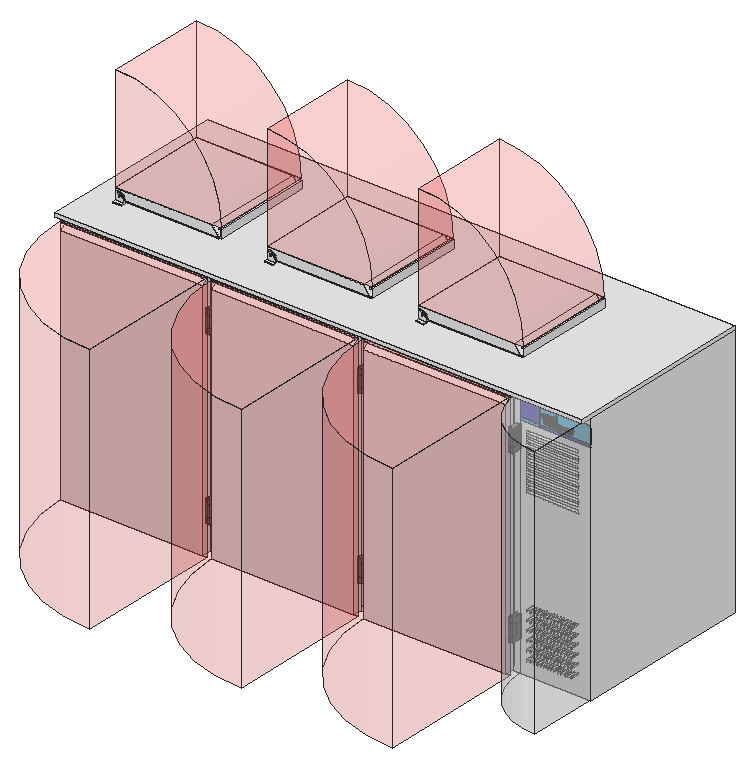
Revit family "QF_Cool-Compact_Abfallkuehler_3x240L_EK", category Sonderausstattung, Revit 2020 (continued)
Forms (mm)
  Extrusion 9, solid, detail levels fine
    sketch origin (708.929, 0, 0) x (1, 0, 0) y (0, 0, 1)
      loop
        arc (1413.741, 224.928) -> (1413.741, 219.271) -> (1419.398, 219.271) r 4
        line (1419.398, 219.271) -> (1447.682, 247.556)
        arc (1447.682, 247.556) -> (1447.682, 253.213) -> (1442.025, 253.213) r 4
        line (1442.025, 253.213) -> (1413.741, 224.928)
      loop
        line (1434.998, 219.271) -> (1463.282, 247.556)
        arc (1463.282, 247.556) -> (1463.282, 253.213) -> (1457.625, 253.213) r 4
        line (1457.625, 253.213) -> (1429.341, 224.928)
        arc (1429.341, 224.928) -> (1429.341, 219.271) -> (1434.998, 219.271) r 4
      loop
        line (1450.598, 219.271) -> (1478.882, 247.556)
        arc (1478.882, 247.556) -> (1478.882, 253.213) -> (1473.225, 253.213) r 4
        line (1473.225, 253.213) -> (1444.941, 224.928)
        arc (1444.941, 224.928) -> (1444.941, 219.271) -> (1450.598, 219.271) r 4
      loop
        arc (1460.541, 224.928) -> (1460.541, 219.271) -> (1466.198, 219.271) r 4
        line (1466.198, 219.271) -> (1494.482, 247.556)
        arc (1494.482, 247.556) -> (1494.482, 253.213) -> (1488.825, 253.213) r 4
        line (1488.825, 253.213) -> (1460.541, 224.928)
      loop
        arc (1476.141, 224.928) -> (1476.141, 219.271) -> (1481.798, 219.271) r 4
        line (1481.798, 219.271) -> (1510.082, 247.556)
        arc (1510.082, 247.556) -> (1510.082, 253.213) -> (1504.425, 253.213) r 4
        line (1504.425, 253.213) -> (1476.141, 224.928)
      loop
        arc (1491.741, 224.928) -> (1491.741, 219.271) -> (1497.398, 219.271) r 4
        line (1497.398, 219.271) -> (1525.682, 247.556)
        arc (1525.682, 247.556) -> (1525.682, 253.213) -> (1520.025, 253.213) r 4
        line (1520.025, 253.213) -> (1491.741, 224.928)
      loop
        arc (1507.341, 224.928) -> (1507.341, 219.271) -> (1512.998, 219.271) r 4
        line (1512.998, 219.271) -> (1541.282, 247.556)
        arc (1541.282, 247.556) -> (1541.282, 253.213) -> (1535.625, 253.213) r 4
        line (1535.625, 253.213) -> (1507.341, 224.928)
      loop
        arc (1522.941, 224.928) -> (1522.941, 219.271) -> (1528.598, 219.271) r 4
        line (1528.598, 219.271) -> (1556.882, 247.556)
        arc (1556.882, 247.556) -> (1556.882, 253.213) -> (1551.225, 253.213) r 4
        line (1551.225, 253.213) -> (1522.941, 224.928)
      loop
        arc (1538.541, 224.928) -> (1538.541, 219.271) -> (1544.198, 219.271) r 4
        line (1544.198, 219.271) -> (1572.482, 247.556)
        arc (1572.482, 247.556) -> (1572.482, 253.213) -> (1566.825, 253.213) r 4
        line (1566.825, 253.213) -> (1538.541, 224.928)
      loop
        arc (1554.141, 224.928) -> (1554.141, 219.271) -> (1559.798, 219.271) r 4
        line (1559.798, 219.271) -> (1588.082, 247.556)
        arc (1588.082, 247.556) -> (1588.082, 253.213) -> (1582.425, 253.213) r 4
        line (1582.425, 253.213) -> (1554.141, 224.928)
      loop
        arc (1569.741, 224.928) -> (1569.741, 219.271) -> (1575.398, 219.271) r 4
        line (1575.398, 219.271) -> (1603.682, 247.556)
        arc (1603.682, 247.556) -> (1603.682, 253.213) -> (1598.025, 253.213) r 4
        line (1598.025, 253.213) -> (1569.741, 224.928)
      loop
        arc (1585.341, 224.928) -> (1585.341, 219.271) -> (1590.998, 219.271) r 4
        line (1590.998, 219.271) -> (1619.282, 247.556)
        arc (1619.282, 247.556) -> (1619.282, 253.213) -> (1613.625, 253.213) r 4
        line (1613.625, 253.213) -> (1585.341, 224.928)
      loop
        arc (1600.941, 224.928) -> (1600.941, 219.271) -> (1606.598, 219.271) r 4
        line (1606.598, 219.271) -> (1634.882, 247.556)
        arc (1634.882, 247.556) -> (1634.882, 253.213) -> (1629.225, 253.213) r 4
        line (1629.225, 253.213) -> (1600.941, 224.928)
      loop
        arc (1398.141, 184.628) -> (1398.141, 178.971) -> (1403.798, 178.971) r 4
        line (1403.798, 178.971) -> (1432.082, 207.256)
        arc (1432.082, 207.256) -> (1432.082, 212.913) -> (1426.425, 212.913) r 4
        line (1426.425, 212.913) -> (1398.141, 184.628)
      loop
        arc (1413.741, 184.628) -> (1413.741, 178.971) -> (1419.398, 178.971) r 4
        line (1419.398, 178.971) -> (1447.682, 207.256)
        arc (1447.682, 207.256) -> (1447.682, 212.913) -> (1442.025, 212.913) r 4
        line (1442.025, 212.913) -> (1413.741, 184.628)
      loop
        line (1434.998, 178.971) -> (1463.282, 207.256)
        arc (1463.282, 207.256) -> (1463.282, 212.913) -> (1457.625, 212.913) r 4
        line (1457.625, 212.913) -> (1429.341, 184.628)
        arc (1429.341, 184.628) -> (1429.341, 178.971) -> (1434.998, 178.971) r 4
      loop
        line (1450.598, 178.971) -> (1478.882, 207.256)
        arc (1478.882, 207.256) -> (1478.882, 212.913) -> (1473.225, 212.913) r 4
        line (1473.225, 212.913) -> (1444.941, 184.628)
        arc (1444.941, 184.628) -> (1444.941, 178.971) -> (1450.598, 178.971) r 4
      loop
        arc (1460.541, 184.628) -> (1460.541, 178.971) -> (1466.198, 178.971) r 4
        line (1466.198, 178.971) -> (1494.482, 207.256)
        arc (1494.482, 207.256) -> (1494.482, 212.913) -> (1488.825, 212.913) r 4
        line (1488.825, 212.913) -> (1460.541, 184.628)
      loop
        arc (1476.141, 184.628) -> (1476.141, 178.971) -> (1481.798, 178.971) r 4
        line (1481.798, 178.971) -> (1510.082, 207.256)
        arc (1510.082, 207.256) -> (1510.082, 212.913) -> (1504.425, 212.913) r 4
        line (1504.425, 212.913) -> (1476.141, 184.628)
      loop
        arc (1491.741, 184.628) -> (1491.741, 178.971) -> (1497.398, 178.971) r 4
        line (1497.398, 178.971) -> (1525.682, 207.256)
        arc (1525.682, 207.256) -> (1525.682, 212.913) -> (1520.025, 212.913) r 4
        line (1520.025, 212.913) -> (1491.741, 184.628)
      loop
        arc (1507.341, 184.628) -> (1507.341, 178.971) -> (1512.998, 178.971) r 4
        line (1512.998, 178.971) -> (1541.282, 207.256)
        arc (1541.282, 207.256) -> (1541.282, 212.913) -> (1535.625, 212.913) r 4
        line (1535.625, 212.913) -> (1507.341, 184.628)
      loop
        arc (1522.941, 184.628) -> (1522.941, 178.971) -> (1528.598, 178.971) r 4
        line (1528.598, 178.971) -> (1556.882, 207.256)
        arc (1556.882, 207.256) -> (1556.882, 212.913) -> (1551.225, 212.913) r 4
        line (1551.225, 212.913) -> (1522.941, 184.628)
      loop
        arc (1538.541, 184.628) -> (1538.541, 178.971) -> (1544.198, 178.971) r 4
        line (1544.198, 178.971) -> (1572.482, 207.256)
        arc (1572.482, 207.256) -> (1572.482, 212.913) -> (1566.825, 212.913) r 4
        line (1566.825, 212.913) -> (1538.541, 184.628)
      loop
        arc (1554.141, 184.628) -> (1554.141, 178.971) -> (1559.798, 178.971) r 4
        line (1559.798, 178.971) -> (1588.082, 207.256)
        arc (1588.082, 207.256) -> (1588.082, 212.913) -> (1582.425, 212.913) r 4
        line (1582.425, 212.913) -> (1554.141, 184.628)
      loop
        arc (1569.741, 184.628) -> (1569.741, 178.971) -> (1575.398, 178.971) r 4
        line (1575.398, 178.971) -> (1603.682, 207.256)
        arc (1603.682, 207.256) -> (1603.682, 212.913) -> (1598.025, 212.913) r 4
        line (1598.025, 212.913) -> (1569.741, 184.628)
      loop
        arc (1585.341, 184.628) -> (1585.341, 178.971) -> (1590.998, 178.971) r 4
        line (1590.998, 178.971) -> (1619.282, 207.256)
        arc (1619.282, 207.256) -> (1619.282, 212.913) -> (1613.625, 212.913) r 4
        line (1613.625, 212.913) -> (1585.341, 184.628)
      loop
        arc (1600.941, 184.628) -> (1600.941, 178.971) -> (1606.598, 178.971) r 4
        line (1606.598, 178.971) -> (1634.882, 207.256)
        arc (1634.882, 207.256) -> (1634.882, 212.913) -> (1629.225, 212.913) r 4
        line (1629.225, 212.913) -> (1600.941, 184.628)
      loop
        arc (1398.141, 144.328) -> (1398.141, 138.671) -> (1403.798, 138.671) r 4
        line (1403.798, 138.671) -> (1432.082, 166.956)
        arc (1432.082, 166.956) -> (1432.082, 172.613) -> (1426.425, 172.613) r 4
        line (1426.425, 172.613) -> (1398.141, 144.328)
      loop
        arc (1413.741, 144.328) -> (1413.741, 138.671) -> (1419.398, 138.671) r 4
        line (1419.398, 138.671) -> (1447.682, 166.956)
        arc (1447.682, 166.956) -> (1447.682, 172.613) -> (1442.025, 172.613) r 4
        line (1442.025, 172.613) -> (1413.741, 144.328)
      loop
        line (1434.998, 138.671) -> (1463.282, 166.956)
        arc (1463.282, 166.956) -> (1463.282, 172.613) -> (1457.625, 172.613) r 4
        line (1457.625, 172.613) -> (1429.341, 144.328)
        arc (1429.341, 144.328) -> (1429.341, 138.671) -> (1434.998, 138.671) r 4
      loop
        line (1450.598, 138.671) -> (1478.882, 166.956)
        arc (1478.882, 166.956) -> (1478.882, 172.613) -> (1473.225, 172.613) r 4
        line (1473.225, 172.613) -> (1444.941, 144.328)
        arc (1444.941, 144.328) -> (1444.941, 138.671) -> (1450.598, 138.671) r 4
      loop
        arc (1460.541, 144.328) -> (1460.541, 138.671) -> (1466.198, 138.671) r 4
        line (1466.198, 138.671) -> (1494.482, 166.956)
        arc (1494.482, 166.956) -> (1494.482, 172.613) -> (1488.825, 172.613) r 4
        line (1488.825, 172.613) -> (1460.541, 144.328)
      loop
        arc (1476.141, 144.328) -> (1476.141, 138.671) -> (1481.798, 138.671) r 4
        line (1481.798, 138.671) -> (1510.082, 166.956)
        arc (1510.082, 166.956) -> (1510.082, 172.613) -> (1504.425, 172.613) r 4
        line (1504.425, 172.613) -> (1476.141, 144.328)
      loop
        arc (1491.741, 144.328) -> (1491.741, 138.671) -> (1497.398, 138.671) r 4
        line (1497.398, 138.671) -> (1525.682, 166.956)
        arc (1525.682, 166.956) -> (1525.682, 172.613) -> (1520.025, 172.613) r 4
        line (1520.025, 172.613) -> (1491.741, 144.328)
      loop
        arc (1507.341, 144.328) -> (1507.341, 138.671) -> (1512.998, 138.671) r 4
        line (1512.998, 138.671) -> (1541.282, 166.956)
        arc (1541.282, 166.956) -> (1541.282, 172.613) -> (1535.625, 172.613) r 4
        line (1535.625, 172.613) -> (1507.341, 144.328)
      loop
        arc (1522.941, 144.328) -> (1522.941, 138.671) -> (1528.598, 138.671) r 4
        line (1528.598, 138.671) -> (1556.882, 166.956)
        arc (1556.882, 166.956) -> (1556.882, 172.613) -> (1551.225, 172.613) r 4
        line (1551.225, 172.613) -> (1522.941, 144.328)
      loop
        arc (1538.541, 144.328) -> (1538.541, 138.671) -> (1544.198, 138.671) r 4
        line (1544.198, 138.671) -> (1572.482, 166.956)
        arc (1572.482, 166.956) -> (1572.482, 172.613) -> (1566.825, 172.613) r 4
        line (1566.825, 172.613) -> (1538.541, 144.328)
      loop
        arc (1554.141, 144.328) -> (1554.141, 138.671) -> (1559.798, 138.671) r 4
        line (1559.798, 138.671) -> (1588.082, 166.956)
        arc (1588.082, 166.956) -> (1588.082, 172.613) -> (1582.425, 172.613) r 4
        line (1582.425, 172.613) -> (1554.141, 144.328)
      loop
        arc (1569.741, 144.328) -> (1569.741, 138.671) -> (1575.398, 138.671) r 4
        line (1575.398, 138.671) -> (1603.682, 166.956)
        arc (1603.682, 166.956) -> (1603.682, 172.613) -> (1598.025, 172.613) r 4
        line (1598.025, 172.613) -> (1569.741, 144.328)
      loop
        arc (1585.341, 144.328) -> (1585.341, 138.671) -> (1590.998, 138.671) r 4
        line (1590.998, 138.671) -> (1619.282, 166.956)
        arc (1619.282, 166.956) -> (1619.282, 172.613) -> (1613.625, 172.613) r 4
        line (1613.625, 172.613) -> (1585.341, 144.328)
      loop
        arc (1600.941, 144.328) -> (1600.941, 138.671) -> (1606.598, 138.671) r 4
        line (1606.598, 138.671) -> (1634.882, 166.956)
        arc (1634.882, 166.956) -> (1634.882, 172.613) -> (1629.225, 172.613) r 4
        line (1629.225, 172.613) -> (1600.941, 144.328)
      loop
        arc (1398.141, 104.028) -> (1398.141, 98.371) -> (1403.798, 98.371) r 4
        line (1403.798, 98.371) -> (1432.082, 126.656)
        arc (1432.082, 126.656) -> (1432.082, 132.313) -> (1426.425, 132.313) r 4
        line (1426.425, 132.313) -> (1398.141, 104.028)
      loop
        arc (1413.741, 104.028) -> (1413.741, 98.371) -> (1419.398, 98.371) r 4
        line (1419.398, 98.371) -> (1447.682, 126.656)
        arc (1447.682, 126.656) -> (1447.682, 132.313) -> (1442.025, 132.313) r 4
        line (1442.025, 132.313) -> (1413.741, 104.028)
      loop
        line (1434.998, 98.371) -> (1463.282, 126.656)
        arc (1463.282, 126.656) -> (1463.282, 132.313) -> (1457.625, 132.313) r 4
        line (1457.625, 132.313) -> (1429.341, 104.028)
        arc (1429.341, 104.028) -> (1429.341, 98.371) -> (1434.998, 98.371) r 4
      loop
        line (1450.598, 98.371) -> (1478.882, 126.656)
        arc (1478.882, 126.656) -> (1478.882, 132.313) -> (1473.225, 132.313) r 4
        line (1473.225, 132.313) -> (1444.941, 104.028)
        arc (1444.941, 104.028) -> (1444.941, 98.371) -> (1450.598, 98.371) r 4
      loop
        arc (1460.541, 104.028) -> (1460.541, 98.371) -> (1466.198, 98.371) r 4
        line (1466.198, 98.371) -> (1494.482, 126.656)
        arc (1494.482, 126.656) -> (1494.482, 132.313) -> (1488.825, 132.313) r 4
        line (1488.825, 132.313) -> (1460.541, 104.028)
      loop
        arc (1476.141, 104.028) -> (1476.141, 98.371) -> (1481.798, 98.371) r 4
        line (1481.798, 98.371) -> (1510.082, 126.656)
        arc (1510.082, 126.656) -> (1510.082, 132.313) -> (1504.425, 132.313) r 4
        line (1504.425, 132.313) -> (1476.141, 104.028)
      loop
        arc (1491.741, 104.028) -> (1491.741, 98.371) -> (1497.398, 98.371) r 4
        line (1497.398, 98.371) -> (1525.682, 126.656)
        arc (1525.682, 126.656) -> (1525.682, 132.313) -> (1520.025, 132.313) r 4
        line (1520.025, 132.313) -> (1491.741, 104.028)
      loop
        arc (1507.341, 104.028) -> (1507.341, 98.371) -> (1512.998, 98.371) r 4
        line (1512.998, 98.371) -> (1541.282, 126.656)
        arc (1541.282, 126.656) -> (1541.282, 132.313) -> (1535.625, 132.313) r 4
        line (1535.625, 132.313) -> (1507.341, 104.028)
      loop
        arc (1522.941, 104.028) -> (1522.941, 98.371) -> (1528.598, 98.371) r 4
        line (1528.598, 98.371) -> (1556.882, 126.656)
        arc (1556.882, 126.656) -> (1556.882, 132.313) -> (1551.225, 132.313) r 4
        line (1551.225, 132.313) -> (1522.941, 104.028)
      loop
        arc (1538.541, 104.028) -> (1538.541, 98.371) -> (1544.198, 98.371) r 4
        line (1544.198, 98.371) -> (1572.482, 126.656)
        arc (1572.482, 126.656) -> (1572.482, 132.313) -> (1566.825, 132.313) r 4
        line (1566.825, 132.313) -> (1538.541, 104.028)
      loop
        arc (1554.141, 104.028) -> (1554.141, 98.371) -> (1559.798, 98.371) r 4
        line (1559.798, 98.371) -> (1588.082, 126.656)
        arc (1588.082, 126.656) -> (1588.082, 132.313) -> (1582.425, 132.313) r 4
        line (1582.425, 132.313) -> (1554.141, 104.028)
      loop
        arc (1569.741, 104.028) -> (1569.741, 98.371) -> (1575.398, 98.371) r 4
        line (1575.398, 98.371) -> (1603.682, 126.656)
        arc (1603.682, 126.656) -> (1603.682, 132.313) -> (1598.025, 132.313) r 4
        line (1598.025, 132.313) -> (1569.741, 104.028)
      loop
        arc (1585.341, 104.028) -> (1585.341, 98.371) -> (1590.998, 98.371) r 4
        line (1590.998, 98.371) -> (1619.282, 126.656)
        arc (1619.282, 126.656) -> (1619.282, 132.313) -> (1613.625, 132.313) r 4
        line (1613.625, 132.313) -> (1585.341, 104.028)
      loop
        arc (1600.941, 104.028) -> (1600.941, 98.371) -> (1606.598, 98.371) r 4
        line (1606.598, 98.371) -> (1634.882, 126.656)
        arc (1634.882, 126.656) -> (1634.882, 132.313) -> (1629.225, 132.313) r 4
        line (1629.225, 132.313) -> (1600.941, 104.028)
      loop
        arc (1398.141, 63.728) -> (1398.141, 58.071) -> (1403.798, 58.071) r 4
        line (1403.798, 58.071) -> (1432.082, 86.356)
        arc (1432.082, 86.356) -> (1432.082, 92.013) -> (1426.425, 92.013) r 4
        line (1426.425, 92.013) -> (1398.141, 63.728)
      loop
        arc (1413.741, 63.728) -> (1413.741, 58.071) -> (1419.398, 58.071) r 4
        line (1419.398, 58.071) -> (1447.682, 86.356)
        arc (1447.682, 86.356) -> (1447.682, 92.013) -> (1442.025, 92.013) r 4
        line (1442.025, 92.013) -> (1413.741, 63.728)
      loop
        line (1434.998, 58.071) -> (1463.282, 86.356)
        arc (1463.282, 86.356) -> (1463.282, 92.013) -> (1457.625, 92.013) r 4
        line (1457.625, 92.013) -> (1429.341, 63.728)
        arc (1429.341, 63.728) -> (1429.341, 58.071) -> (1434.998, 58.071) r 4
      loop
        line (1450.598, 58.071) -> (1478.882, 86.356)
        arc (1478.882, 86.356) -> (1478.882, 92.013) -> (1473.225, 92.013) r 4
        line (1473.225, 92.013) -> (1444.941, 63.728)
        arc (1444.941, 63.728) -> (1444.941, 58.071) -> (1450.598, 58.071) r 4
      loop
        arc (1460.541, 63.728) -> (1460.541, 58.071) -> (1466.198, 58.071) r 4
        line (1466.198, 58.071) -> (1494.482, 86.356)
        arc (1494.482, 86.356) -> (1494.482, 92.013) -> (1488.825, 92.013) r 4
        line (1488.825, 92.013) -> (1460.541, 63.728)
      loop
        arc (1476.141, 63.728) -> (1476.141, 58.071) -> (1481.798, 58.071) r 4
        line (1481.798, 58.071) -> (1510.082, 86.356)
        arc (1510.082, 86.356) -> (1510.082, 92.013) -> (1504.425, 92.013) r 4
        line (1504.425, 92.013) -> (1476.141, 63.728)
      loop
        arc (1491.741, 63.728) -> (1491.741, 58.071) -> (1497.398, 58.071) r 4
        line (1497.398, 58.071) -> (1525.682, 86.356)
        arc (1525.682, 86.356) -> (1525.682, 92.013) -> (1520.025, 92.013) r 4
        line (1520.025, 92.013) -> (1491.741, 63.728)
      loop
        arc (1507.341, 63.728) -> (1507.341, 58.071) -> (1512.998, 58.071) r 4
        line (1512.998, 58.071) -> (1541.282, 86.356)
        arc (1541.282, 86.356) -> (1541.282, 92.013) -> (1535.625, 92.013) r 4
        line (1535.625, 92.013) -> (1507.341, 63.728)
      loop
        arc (1522.941, 63.728) -> (1522.941, 58.071) -> (1528.598, 58.071) r 4
        line (1528.598, 58.071) -> (1556.882, 86.356)
        arc (1556.882, 86.356) -> (1556.882, 92.013) -> (1551.225, 92.013) r 4
        line (1551.225, 92.013) -> (1522.941, 63.728)
      loop
        arc (1538.541, 63.728) -> (1538.541, 58.071) -> (1544.198, 58.071) r 4
        line (1544.198, 58.071) -> (1572.482, 86.356)
        arc (1572.482, 86.356) -> (1572.482, 92.013) -> (1566.825, 92.013) r 4
        line (1566.825, 92.013) -> (1538.541, 63.728)
      loop
        arc (1554.141, 63.728) -> (1554.141, 58.071) -> (1559.798, 58.071) r 4
        line (1559.798, 58.071) -> (1588.082, 86.356)
        arc (1588.082, 86.356) -> (1588.082, 92.013) -> (1582.425, 92.013) r 4
        line (1582.425, 92.013) -> (1554.141, 63.728)
      loop
        arc (1569.741, 63.728) -> (1569.741, 58.071) -> (1575.398, 58.071) r 4
        line (1575.398, 58.071) -> (1603.682, 86.356)
        arc (1603.682, 86.356) -> (1603.682, 92.013) -> (1598.025, 92.013) r 4
        line (1598.025, 92.013) -> (1569.741, 63.728)
      loop
        arc (1585.341, 63.728) -> (1585.341, 58.071) -> (1590.998, 58.071) r 4
        line (1590.998, 58.071) -> (1619.282, 86.356)
        arc (1619.282, 86.356) -> (1619.282, 92.013) -> (1613.625, 92.013) r 4
        line (1613.625, 92.013) -> (1585.341, 63.728)
      loop
        arc (1600.941, 63.728) -> (1600.941, 58.071) -> (1606.598, 58.071) r 4
        line (1606.598, 58.071) -> (1634.882, 86.356)
        arc (1634.882, 86.356) -> (1634.882, 92.013) -> (1629.225, 92.013) r 4
        line (1629.225, 92.013) -> (1600.941, 63.728)
    from 609 to 665
  Extrusion 10, solid, detail levels fine
    sketch origin (1342.808, 75, 140) x (-1, 0, 0) y (0, 0, -1)
      loop
        line (752.308, -1042) -> (752.308, -1077) -> (763.708, -1077)
        arc (763.708, -1077) -> (764.308, -1076.4) -> (763.708, -1075.8) r 0.6
        line (763.708, -1075.8) -> (753.508, -1075.8) -> (753.508, -1043.2) -> (765.908, -1043.2) -> (794.619, -1082) -> (1232.308, -1082) -> (1232.308, -1042) -> (752.308, -1042)
    from 125 to 585
  Extrusion 11, solid, detail levels fine
    sketch origin (1342.808, 62.5, 140) x (-1, 0, 0) y (0, 0, -1)
      loop
        line (1230.43, -1030) -> (1192.308, -1030) -> (1192.308, -1042.541)
        arc (1192.308, -1042.541) -> (1193.683, -1047.602) -> (1197.43, -1051.271) r 10
        arc (1197.43, -1051.271) -> (1200.544, -1053.989) -> (1202.292, -1057.735) r 10
        line (1202.292, -1057.735) -> (1202.757, -1059.736)
        arc (1202.757, -1059.736) -> (1207.83, -1067.199) -> (1216.601, -1069.315) r 12.524
        arc (1216.601, -1069.315) -> (1220.167, -1067.281) -> (1222.8, -1070.431) r 3.2
        arc (1222.8, -1070.431) -> (1223.093, -1071.138) -> (1223.8, -1071.431) r 1
        line (1223.8, -1071.431) -> (1225.43, -1071.431)
        arc (1225.43, -1071.431) -> (1228.966, -1069.966) -> (1230.43, -1066.431) r 5
        line (1230.43, -1066.431) -> (1230.43, -1030)
      loop
        line (1217.508, -1058) -> (1217.508, -1054.5)
        arc (1217.508, -1054.5) -> (1214.308, -1051.3) -> (1211.108, -1054.5) r 3.2
        line (1211.108, -1054.5) -> (1211.108, -1058)
        arc (1211.108, -1058) -> (1214.308, -1061.2) -> (1217.508, -1058) r 3.2
    from 572.5 to 575.5
  Extrusion 12, solid, material "QF_Rubber-Gray", detail levels medium+fine
    sketch origin (1343, 75, 0) x (-1, 0, 0) y (0, -1, 0)
      loop
        line (1211, 136.5) -> (1211, 573.5) -> (774, 573.5) -> (774, 136.5) -> (1211, 136.5)
    from 1170 to 1182
  Extrusion 13, solid, detail levels fine
    sketch origin (1343, 62.5, 140) x (-1, 0, 0) y (0, 0, -1)
      loop
        circle (1199.5, -1059) r 3
      loop
        circle (1214.5, -1055) r 3
    from 572.5 to 575.5
  Extrusion 14, solid, detail levels fine
    sketch origin (1343, -622.5, 140) x (-1, 0, 0) y (0, 0, 1)
      loop
        circle (1199.5, 1059) r 3
      loop
        circle (1214.5, 1055) r 3
    from 572.5 to 575.5
  Extrusion 15, solid, material "QF_Rubber-Gray", detail levels medium+fine
    sketch origin (-689.5, 0, 0) x (1, 0, 0) y (0, 0, 1)
      loop
        line (729, 1130.5) -> (729, 28.5) -> (1351, 28.5) -> (1351, 1130.5) -> (729, 1130.5)
    from 668.8 to 681
  Extrusion 16, solid, material "QF_Plastic-Light Gray", detail levels medium+fine
    sketch origin (-689.5, 0, 0) x (1, 0, 0) y (0, 0, 1)
      loop
        arc (724.2, 1141) -> (723.493, 1140.707) -> (723.2, 1140) r 1
        line (723.2, 1140) -> (723.2, 19)
        arc (723.2, 19) -> (723.493, 18.293) -> (724.2, 18) r 1
        line (724.2, 18) -> (1355.8, 18)
        arc (1355.8, 18) -> (1356.507, 18.293) -> (1356.8, 19) r 1
        line (1356.8, 19) -> (1356.8, 1140)
        arc (1356.8, 1140) -> (1356.507, 1140.707) -> (1355.8, 1141) r 1
        line (1355.8, 1141) -> (724.2, 1141)
    from 665 to 668.8
  Extrusion 17, solid, detail levels coarse
    sketch origin (10.5, 75, 0) x (1, 0, 0) y (0, 1, 0)
      loop
        line (100, -585) -> (580, -585) -> (580, -125) -> (100, -125) -> (100, -585)
    from 1170 to 1222
  Extrusion 18, solid, detail levels medium
    sketch origin (10.5, 75, 0) x (1, 0, 0) y (0, 1, 0)
      loop
        line (100, -585) -> (580, -585) -> (580, -125) -> (100, -125) -> (100, -585)
    from 1182 to 1222
  Extrusion 19, solid, detail levels fine
    sketch origin (-47, 62.5, 0) x (1, 0, 0) y (0, 1, 0)
      loop
        line (159.378, -575.5) -> (159.378, -592.5) -> (197.5, -592.5) -> (197.5, -575.5) -> (159.378, -575.5)
    from 1170 to 1173
  Extrusion 20, solid, detail levels fine
    sketch origin (-47, -622.5, 0) x (1, 0, 0) y (0, 1, 0)
      loop
        line (159.378, 575.5) -> (197.5, 575.5) -> (197.5, 592.5) -> (159.378, 592.5) -> (159.378, 575.5)
    from 1170 to 1173
  Extrusion 21, solid, detail levels fine
    sketch origin (1342.808, -622.5, 140) x (-1, 0, 0) y (0, 0, 1)
      loop
        line (1230.43, 1030) -> (1230.43, 1066.431)
        arc (1230.43, 1066.431) -> (1228.966, 1069.966) -> (1225.43, 1071.431) r 5
        line (1225.43, 1071.431) -> (1223.8, 1071.431)
        arc (1223.8, 1071.431) -> (1223.093, 1071.138) -> (1222.8, 1070.431) r 1
        arc (1222.8, 1070.431) -> (1220.167, 1067.281) -> (1216.601, 1069.315) r 3.2
        arc (1216.601, 1069.315) -> (1207.83, 1067.199) -> (1202.757, 1059.736) r 12.524
        line (1202.757, 1059.736) -> (1202.292, 1057.735)
        arc (1202.292, 1057.735) -> (1200.544, 1053.989) -> (1197.43, 1051.271) r 10
        arc (1197.43, 1051.271) -> (1193.683, 1047.602) -> (1192.308, 1042.541) r 10
        line (1192.308, 1042.541) -> (1192.308, 1030) -> (1230.43, 1030)
      loop
        arc (1217.508, 1058) -> (1214.308, 1061.2) -> (1211.108, 1058) r 3.2
        line (1211.108, 1058) -> (1211.108, 1054.5)
        arc (1211.108, 1054.5) -> (1214.308, 1051.3) -> (1217.508, 1054.5) r 3.2
        line (1217.508, 1054.5) -> (1217.508, 1058)
    from 572.5 to 575.5
  Extrusion 22, solid, detail levels medium
    sketch origin (0, 0, 0) x (1, 0, 0) y (0, 1, 0)
      loop
        line (27.5, -681) -> (27.5, -721) -> (673.5, -721) -> (673.5, -681) -> (27.5, -681)
    from 10 to 1151
  Extrusion 23, solid, detail levels coarse
    sketch origin (0, 0, 0) x (1, 0, 0) y (0, 1, 0)
      loop
        line (27.5, -665) -> (27.5, -721) -> (697.5, -721) -> (697.5, -665) -> (27.5, -665)
    from 10 to 1151
  Extrusion 24, solid, detail levels fine
    sketch origin (690, 0, 0) x (1, 0, 0) y (0, 1, 0)
      loop
        line (1390.008, 150) -> (1390.008, 135) -> (1695, 135) -> (1695, -665) -> (1710, -665) -> (1710, 150) -> (1390.008, 150)
    from 0 to 1154
  Extrusion 25, solid, visible <- "Notwendige Abstände anzeigen"
    sketch origin (1400.5, 75, 140) x (-1, 0, 0) y (0, 0, -1)
      loop
        line (1290, -1562) -> (1290, -1082) -> (810, -1082)
        arc (810, -1082) -> (950.589, -1421.411) -> (1290, -1562) r 480
    from 125 to 585
  Extrusion 26, solid, detail levels coarse+medium
    sketch origin (708.929, 0, 0) x (1, 0, 0) y (0, 0, 1)
      loop
        line (1371.071, 1154) -> (1371.071, 0) -> (1676.071, 0) -> (1676.071, 1154) -> (1371.071, 1154)
    from 609 to 665
  Extrusion 27, solid, detail levels coarse+medium
    sketch origin (0, 28.867, 0) x (1, 0, 0) y (0, 1, 0)
      loop
        line (2080, -693.867) -> (2080, 121.133) -> (0, 121.133) -> (0, -693.867) -> (2080, -693.867)
    from 0 to 1154
  Extrusion 28, solid, detail levels coarse+medium
    sketch origin (690, 0, 0) x (1, 0, 0) y (0, 1, 0)
      loop
        line (1390.008, 150) -> (1390.008, 135) -> (1695, 135) -> (1695, -665) -> (1710, -665) -> (1710, 150) -> (1390.008, 150)
    from 0 to 1154
  Extrusion 29, solid, visible <- "Notwendige Abstände anzeigen"
    sketch origin (690, 0, 0) x (1, 0, 0) y (0, 1, 0)
      loop
        arc (1390, -665) -> (1483.726, -891.274) -> (1710, -985) r 320
        line (1710, -985) -> (1710, -665) -> (1390, -665)
    from 0 to 1154
  Extrusion 30, solid, material "QF_Rubber-Black"
    sketch origin (0, 400, 0) x (0, 1, 0) y (0, 0, 1)
      loop
        circle (-300, 500) r 7.5
    from 2080 to 2200
  Extrusion 31, solid, material "QF_Plastic-Black-Matte", detail levels fine
    sketch origin (701, 0, 140) x (0, 1, 0) y (0, 0, -1)
      loop
        line (-689, -850.5) -> (-707, -850.5) -> (-707, -875) -> (-665, -875) -> (-665, -773) -> (-707, -773) -> (-707, -797.5) -> (-689, -797.5) -> (-689, -850.5)
    from 3.5 to 19.5
  Extrusion 32, solid, material "QF_Plastic-Black-Matte", detail levels fine
    sketch origin (701, 0, 140) x (-1, 0, 0) y (0, 0, -1)
      loop
        line (27.5, -875) -> (27.5, -773) -> (21.5, -773) -> (21.5, -798.5) -> (3.5, -798.5) -> (3.5, -849.5) -> (21.5, -849.5) -> (21.5, -875) -> (27.5, -875)
    from 693 to 707
  Extrusion 33, solid, material "QF_Plastic-Black-Matte", detail levels fine
    sketch origin (701, 0, 0) x (-1, 0, 0) y (0, -1, 0)
      loop
        circle (12.5, 698) r 3
    from 989.5 to 990.5
  Extrusion 34, solid, material "QF_Plastic-Black-Matte", detail levels fine
    sketch origin (701, 0, 0) x (-1, 0, 0) y (0, -1, 0)
      loop
        circle (12.5, 698) r 3
    from 937.5 to 938.5
  Extrusion 35, solid, material "QF_Plastic-Black-Matte", detail levels fine
    sketch origin (701, 0, -634) x (0, 1, 0) y (0, 0, -1)
      loop
        line (-689, -850.5) -> (-707, -850.5) -> (-707, -875) -> (-665, -875) -> (-665, -773) -> (-707, -773) -> (-707, -797.5) -> (-689, -797.5) -> (-689, -850.5)
    from 3.5 to 19.5
  Extrusion 36, solid, material "QF_Plastic-Black-Matte", detail levels fine
    sketch origin (701, 0, -634) x (-1, 0, 0) y (0, 0, -1)
      loop
        line (27.5, -875) -> (27.5, -773) -> (21.5, -773) -> (21.5, -798.5) -> (3.5, -798.5) -> (3.5, -849.5) -> (21.5, -849.5) -> (21.5, -875) -> (27.5, -875)
    from 693 to 707
  Extrusion 37, solid, material "QF_Plastic-Black-Matte", detail levels fine
    sketch origin (701, 0, -634) x (-1, 0, 0) y (0, -1, 0)
      loop
        circle (12.5, 698) r 3
    from 849.5 to 850.5
  Extrusion 38, solid, material "QF_Plastic-Black-Matte", detail levels fine
    sketch origin (701, 0, -634) x (-1, 0, 0) y (0, -1, 0)
      loop
        circle (12.5, 698) r 3
    from 797.5 to 798.5
  Extrusion 39, solid, material "QF_Plastic-Black-Matte", detail levels medium
    sketch origin (701, 0, 0) x (-1, 0, 0) y (0, -1, 0)
      loop
        line (3.5, 665) -> (27.5, 665) -> (27.5, 707) -> (3.5, 707) -> (3.5, 665)
    from 139 to 241
  Extrusion 40, solid, material "QF_Plastic-Black-Matte", detail levels medium
    sketch origin (701, 0, 0) x (-1, 0, 0) y (0, -1, 0)
      loop
        line (3.5, 665) -> (27.5, 665) -> (27.5, 707) -> (3.5, 707) -> (3.5, 665)
    from 913 to 1015
  Extrusion 41, void
    sketch origin (0, 150, 0) x (1, 0, 0) y (0, 0, 1)
      loop
        line (2290, 40) -> (2290, 150) -> (2190, 150) -> (2190, 40) -> (2290, 40)
      loop
        circle (2240, 285) r 25
    from 0 to 15
  Extrusion 42, solid, visible <- "Notwendige Abstände anzeigen"
    sketch origin (901, 0, 0) x (-1, 0, 0) y (0, -1, 0)
      loop
        arc (873.5, 721) -> (677.262, 1194.762) -> (203.5, 1391) r 670
        line (203.5, 1391) -> (203.5, 721) -> (873.5, 721)
    from 10 to 1151
  Extrusion 43, solid, detail levels fine
    sketch origin (2032.808, 75, 140) x (-1, 0, 0) y (0, 0, -1)
      loop
        line (752.308, -1042) -> (752.308, -1077) -> (763.708, -1077)
        arc (763.708, -1077) -> (764.308, -1076.4) -> (763.708, -1075.8) r 0.6
        line (763.708, -1075.8) -> (753.508, -1075.8) -> (753.508, -1043.2) -> (765.908, -1043.2) -> (794.619, -1082) -> (1232.308, -1082) -> (1232.308, -1042) -> (752.308, -1042)
    from 125 to 585
  Extrusion 44, solid, detail levels fine
    sketch origin (2032.808, 62.5, 140) x (-1, 0, 0) y (0, 0, -1)
      loop
        line (1230.43, -1030) -> (1192.308, -1030) -> (1192.308, -1042.541)
        arc (1192.308, -1042.541) -> (1193.683, -1047.602) -> (1197.43, -1051.271) r 10
        arc (1197.43, -1051.271) -> (1200.544, -1053.989) -> (1202.292, -1057.735) r 10
        line (1202.292, -1057.735) -> (1202.757, -1059.736)
        arc (1202.757, -1059.736) -> (1207.83, -1067.199) -> (1216.601, -1069.315) r 12.524
        arc (1216.601, -1069.315) -> (1220.167, -1067.281) -> (1222.8, -1070.431) r 3.2
        arc (1222.8, -1070.431) -> (1223.093, -1071.138) -> (1223.8, -1071.431) r 1
        line (1223.8, -1071.431) -> (1225.43, -1071.431)
        arc (1225.43, -1071.431) -> (1228.966, -1069.966) -> (1230.43, -1066.431) r 5
        line (1230.43, -1066.431) -> (1230.43, -1030)
      loop
        line (1217.508, -1058) -> (1217.508, -1054.5)
        arc (1217.508, -1054.5) -> (1214.308, -1051.3) -> (1211.108, -1054.5) r 3.2
        line (1211.108, -1054.5) -> (1211.108, -1058)
        arc (1211.108, -1058) -> (1214.308, -1061.2) -> (1217.508, -1058) r 3.2
    from 572.5 to 575.5
  Extrusion 45, solid, material "QF_Rubber-Gray", detail levels medium+fine
    sketch origin (2033, 75, 0) x (-1, 0, 0) y (0, -1, 0)
      loop
        line (1211, 136.5) -> (1211, 573.5) -> (774, 573.5) -> (774, 136.5) -> (1211, 136.5)
    from 1170 to 1182
  Extrusion 46, solid, detail levels fine
    sketch origin (2033, 62.5, 140) x (-1, 0, 0) y (0, 0, -1)
      loop
        circle (1199.5, -1059) r 3
      loop
        circle (1214.5, -1055) r 3
    from 572.5 to 575.5
  Extrusion 47, solid, detail levels fine
    sketch origin (2033, -622.5, 140) x (-1, 0, 0) y (0, 0, 1)
      loop
        circle (1199.5, 1059) r 3
      loop
        circle (1214.5, 1055) r 3
    from 572.5 to 575.5
  Extrusion 48, solid, detail levels coarse
    sketch origin (700.5, 75, 0) x (1, 0, 0) y (0, 1, 0)
      loop
        line (100, -585) -> (580, -585) -> (580, -125) -> (100, -125) -> (100, -585)
    from 1170 to 1222
  Extrusion 49, solid, detail levels medium
    sketch origin (700.5, 75, 0) x (1, 0, 0) y (0, 1, 0)
      loop
        line (100, -585) -> (580, -585) -> (580, -125) -> (100, -125) -> (100, -585)
    from 1182 to 1222
  Extrusion 50, solid, detail levels fine
    sketch origin (643, 62.5, 0) x (1, 0, 0) y (0, 1, 0)
      loop
        line (159.378, -575.5) -> (159.378, -592.5) -> (197.5, -592.5) -> (197.5, -575.5) -> (159.378, -575.5)
    from 1170 to 1173
  Extrusion 51, solid, detail levels fine
    sketch origin (643, -622.5, 0) x (1, 0, 0) y (0, 1, 0)
      loop
        line (159.378, 575.5) -> (197.5, 575.5) -> (197.5, 592.5) -> (159.378, 592.5) -> (159.378, 575.5)
    from 1170 to 1173
  Extrusion 52, solid, detail levels fine
    sketch origin (2032.808, -622.5, 140) x (-1, 0, 0) y (0, 0, 1)
      loop
        line (1230.43, 1030) -> (1230.43, 1066.431)
        arc (1230.43, 1066.431) -> (1228.966, 1069.966) -> (1225.43, 1071.431) r 5
        line (1225.43, 1071.431) -> (1223.8, 1071.431)
        arc (1223.8, 1071.431) -> (1223.093, 1071.138) -> (1222.8, 1070.431) r 1
        arc (1222.8, 1070.431) -> (1220.167, 1067.281) -> (1216.601, 1069.315) r 3.2
        arc (1216.601, 1069.315) -> (1207.83, 1067.199) -> (1202.757, 1059.736) r 12.524
        line (1202.757, 1059.736) -> (1202.292, 1057.735)
        arc (1202.292, 1057.735) -> (1200.544, 1053.989) -> (1197.43, 1051.271) r 10
        arc (1197.43, 1051.271) -> (1193.683, 1047.602) -> (1192.308, 1042.541) r 10
        line (1192.308, 1042.541) -> (1192.308, 1030) -> (1230.43, 1030)
      loop
        arc (1217.508, 1058) -> (1214.308, 1061.2) -> (1211.108, 1058) r 3.2
        line (1211.108, 1058) -> (1211.108, 1054.5)
        arc (1211.108, 1054.5) -> (1214.308, 1051.3) -> (1217.508, 1054.5) r 3.2
        line (1217.508, 1054.5) -> (1217.508, 1058)
    from 572.5 to 575.5
  Extrusion 53, solid, visible <- "Notwendige Abstände anzeigen"
    sketch origin (2090.5, 75, 140) x (-1, 0, 0) y (0, 0, -1)
      loop
        line (1290, -1562) -> (1290, -1082) -> (810, -1082)
        arc (810, -1082) -> (950.589, -1421.411) -> (1290, -1562) r 480
    from 125 to 585
  Extrusion 54, solid, detail levels fine
    sketch origin (2722.808, 75, 140) x (-1, 0, 0) y (0, 0, -1)
      loop
        line (752.308, -1042) -> (752.308, -1077) -> (763.708, -1077)
        arc (763.708, -1077) -> (764.308, -1076.4) -> (763.708, -1075.8) r 0.6
        line (763.708, -1075.8) -> (753.508, -1075.8) -> (753.508, -1043.2) -> (765.908, -1043.2) -> (794.619, -1082) -> (1232.308, -1082) -> (1232.308, -1042) -> (752.308, -1042)
    from 125 to 585
  Extrusion 55, solid, detail levels fine
    sketch origin (2722.808, 62.5, 140) x (-1, 0, 0) y (0, 0, -1)
      loop
        line (1230.43, -1030) -> (1192.308, -1030) -> (1192.308, -1042.541)
        arc (1192.308, -1042.541) -> (1193.683, -1047.602) -> (1197.43, -1051.271) r 10
        arc (1197.43, -1051.271) -> (1200.544, -1053.989) -> (1202.292, -1057.735) r 10
        line (1202.292, -1057.735) -> (1202.757, -1059.736)
        arc (1202.757, -1059.736) -> (1207.83, -1067.199) -> (1216.601, -1069.315) r 12.524
        arc (1216.601, -1069.315) -> (1220.167, -1067.281) -> (1222.8, -1070.431) r 3.2
        arc (1222.8, -1070.431) -> (1223.093, -1071.138) -> (1223.8, -1071.431) r 1
        line (1223.8, -1071.431) -> (1225.43, -1071.431)
        arc (1225.43, -1071.431) -> (1228.966, -1069.966) -> (1230.43, -1066.431) r 5
        line (1230.43, -1066.431) -> (1230.43, -1030)
      loop
        line (1217.508, -1058) -> (1217.508, -1054.5)
        arc (1217.508, -1054.5) -> (1214.308, -1051.3) -> (1211.108, -1054.5) r 3.2
        line (1211.108, -1054.5) -> (1211.108, -1058)
        arc (1211.108, -1058) -> (1214.308, -1061.2) -> (1217.508, -1058) r 3.2
    from 572.5 to 575.5
  Extrusion 56, solid, material "QF_Rubber-Gray", detail levels medium+fine
    sketch origin (2723, 75, 0) x (-1, 0, 0) y (0, -1, 0)
      loop
        line (1211, 136.5) -> (1211, 573.5) -> (774, 573.5) -> (774, 136.5) -> (1211, 136.5)
    from 1170 to 1182
  Extrusion 57, solid, detail levels fine
    sketch origin (2723, 62.5, 140) x (-1, 0, 0) y (0, 0, -1)
      loop
        circle (1199.5, -1059) r 3
      loop
        circle (1214.5, -1055) r 3
    from 572.5 to 575.5
  Extrusion 58, solid, detail levels fine
    sketch origin (2723, -622.5, 140) x (-1, 0, 0) y (0, 0, 1)
      loop
        circle (1199.5, 1059) r 3
      loop
        circle (1214.5, 1055) r 3
    from 572.5 to 575.5
  Extrusion 59, solid, detail levels coarse
    sketch origin (1390.5, 75, 0) x (1, 0, 0) y (0, 1, 0)
      loop
        line (100, -585) -> (580, -585) -> (580, -125) -> (100, -125) -> (100, -585)
    from 1170 to 1222
  Extrusion 60, solid, detail levels medium
    sketch origin (1390.5, 75, 0) x (1, 0, 0) y (0, 1, 0)
      loop
        line (100, -585) -> (580, -585) -> (580, -125) -> (100, -125) -> (100, -585)
    from 1182 to 1222
  Extrusion 61, solid, detail levels fine
    sketch origin (1333, 62.5, 0) x (1, 0, 0) y (0, 1, 0)
      loop
        line (159.378, -575.5) -> (159.378, -592.5) -> (197.5, -592.5) -> (197.5, -575.5) -> (159.378, -575.5)
    from 1170 to 1173
  Extrusion 62, solid, detail levels fine
    sketch origin (1333, -622.5, 0) x (1, 0, 0) y (0, 1, 0)
      loop
        line (159.378, 575.5) -> (197.5, 575.5) -> (197.5, 592.5) -> (159.378, 592.5) -> (159.378, 575.5)
    from 1170 to 1173
  Extrusion 63, solid, detail levels fine
    sketch origin (2722.808, -622.5, 140) x (-1, 0, 0) y (0, 0, 1)
      loop
        line (1230.43, 1030) -> (1230.43, 1066.431)
        arc (1230.43, 1066.431) -> (1228.966, 1069.966) -> (1225.43, 1071.431) r 5
        line (1225.43, 1071.431) -> (1223.8, 1071.431)
        arc (1223.8, 1071.431) -> (1223.093, 1071.138) -> (1222.8, 1070.431) r 1
        arc (1222.8, 1070.431) -> (1220.167, 1067.281) -> (1216.601, 1069.315) r 3.2
        arc (1216.601, 1069.315) -> (1207.83, 1067.199) -> (1202.757, 1059.736) r 12.524
        line (1202.757, 1059.736) -> (1202.292, 1057.735)
        arc (1202.292, 1057.735) -> (1200.544, 1053.989) -> (1197.43, 1051.271) r 10
        arc (1197.43, 1051.271) -> (1193.683, 1047.602) -> (1192.308, 1042.541) r 10
        line (1192.308, 1042.541) -> (1192.308, 1030) -> (1230.43, 1030)
      loop
        arc (1217.508, 1058) -> (1214.308, 1061.2) -> (1211.108, 1058) r 3.2
        line (1211.108, 1058) -> (1211.108, 1054.5)
        arc (1211.108, 1054.5) -> (1214.308, 1051.3) -> (1217.508, 1054.5) r 3.2
        line (1217.508, 1054.5) -> (1217.508, 1058)
    from 572.5 to 575.5
  Extrusion 64, solid, visible <- "Notwendige Abstände anzeigen"
    sketch origin (2780.5, 75, 140) x (-1, 0, 0) y (0, 0, -1)
      loop
        line (1290, -1562) -> (1290, -1082) -> (810, -1082)
        arc (810, -1082) -> (950.589, -1421.411) -> (1290, -1562) r 480
    from 125 to 585
  Extrusion 65, solid, material "QF_Rubber-Gray", detail levels medium+fine
    sketch origin (0.5, 0, 0) x (1, 0, 0) y (0, 0, 1)
      loop
        line (729, 1130.5) -> (729, 28.5) -> (1351, 28.5) -> (1351, 1130.5) -> (729, 1130.5)
    from 668.8 to 681
  Extrusion 66, solid, material "QF_Plastic-Light Gray", detail levels medium+fine
    sketch origin (0.5, 0, 0) x (1, 0, 0) y (0, 0, 1)
      loop
        arc (724.2, 1141) -> (723.493, 1140.707) -> (723.2, 1140) r 1
        line (723.2, 1140) -> (723.2, 19)
        arc (723.2, 19) -> (723.493, 18.293) -> (724.2, 18) r 1
        line (724.2, 18) -> (1355.8, 18)
        arc (1355.8, 18) -> (1356.507, 18.293) -> (1356.8, 19) r 1
        line (1356.8, 19) -> (1356.8, 1140)
        arc (1356.8, 1140) -> (1356.507, 1140.707) -> (1355.8, 1141) r 1
        line (1355.8, 1141) -> (724.2, 1141)
    from 665 to 668.8
  Extrusion 67, solid, detail levels medium
    sketch origin (690, 0, 0) x (1, 0, 0) y (0, 1, 0)
      loop
        line (27.5, -681) -> (27.5, -721) -> (673.5, -721) -> (673.5, -681) -> (27.5, -681)
    from 10 to 1151
  Extrusion 68, solid, detail levels coarse
    sketch origin (690, 0, 0) x (1, 0, 0) y (0, 1, 0)
      loop
        line (27.5, -665) -> (27.5, -721) -> (697.5, -721) -> (697.5, -665) -> (27.5, -665)
    from 10 to 1151
  Extrusion 69, solid, material "QF_Plastic-Black-Matte", detail levels fine
    sketch origin (1391, 0, 140) x (0, 1, 0) y (0, 0, -1)
      loop
        line (-689, -850.5) -> (-707, -850.5) -> (-707, -875) -> (-665, -875) -> (-665, -773) -> (-707, -773) -> (-707, -797.5) -> (-689, -797.5) -> (-689, -850.5)
    from 3.5 to 19.5
  Extrusion 70, solid, material "QF_Plastic-Black-Matte", detail levels fine
    sketch origin (1391, 0, 140) x (-1, 0, 0) y (0, 0, -1)
      loop
        line (27.5, -875) -> (27.5, -773) -> (21.5, -773) -> (21.5, -798.5) -> (3.5, -798.5) -> (3.5, -849.5) -> (21.5, -849.5) -> (21.5, -875) -> (27.5, -875)
    from 693 to 707
  Extrusion 71, solid, material "QF_Plastic-Black-Matte", detail levels fine
    sketch origin (1391, 0, 0) x (-1, 0, 0) y (0, -1, 0)
      loop
        circle (12.5, 698) r 3
    from 989.5 to 990.5
  Extrusion 72, solid, material "QF_Plastic-Black-Matte", detail levels fine
    sketch origin (1391, 0, 0) x (-1, 0, 0) y (0, -1, 0)
      loop
        circle (12.5, 698) r 3
    from 937.5 to 938.5
  Extrusion 73, solid, material "QF_Plastic-Black-Matte", detail levels fine
    sketch origin (1391, 0, -634) x (0, 1, 0) y (0, 0, -1)
      loop
        line (-689, -850.5) -> (-707, -850.5) -> (-707, -875) -> (-665, -875) -> (-665, -773) -> (-707, -773) -> (-707, -797.5) -> (-689, -797.5) -> (-689, -850.5)
    from 3.5 to 19.5
  Extrusion 74, solid, material "QF_Plastic-Black-Matte", detail levels fine
    sketch origin (1391, 0, -634) x (-1, 0, 0) y (0, 0, -1)
      loop
        line (27.5, -875) -> (27.5, -773) -> (21.5, -773) -> (21.5, -798.5) -> (3.5, -798.5) -> (3.5, -849.5) -> (21.5, -849.5) -> (21.5, -875) -> (27.5, -875)
    from 693 to 707
  Extrusion 75, solid, material "QF_Plastic-Black-Matte", detail levels fine
    sketch origin (1391, 0, -634) x (-1, 0, 0) y (0, -1, 0)
      loop
        circle (12.5, 698) r 3
    from 849.5 to 850.5
  Extrusion 76, solid, material "QF_Plastic-Black-Matte", detail levels fine
    sketch origin (1391, 0, -634) x (-1, 0, 0) y (0, -1, 0)
      loop
        circle (12.5, 698) r 3
    from 797.5 to 798.5
  Extrusion 77, solid, material "QF_Plastic-Black-Matte", detail levels medium
    sketch origin (1391, 0, 0) x (-1, 0, 0) y (0, -1, 0)
      loop
        line (3.5, 665) -> (27.5, 665) -> (27.5, 707) -> (3.5, 707) -> (3.5, 665)
    from 139 to 241
  Extrusion 78, solid, material "QF_Plastic-Black-Matte", detail levels medium
    sketch origin (1391, 0, 0) x (-1, 0, 0) y (0, -1, 0)
      loop
        line (3.5, 665) -> (27.5, 665) -> (27.5, 707) -> (3.5, 707) -> (3.5, 665)
    from 913 to 1015
  Extrusion 79, solid, visible <- "Notwendige Abstände anzeigen"
    sketch origin (1591, 0, 0) x (-1, 0, 0) y (0, -1, 0)
      loop
        arc (873.5, 721) -> (677.262, 1194.762) -> (203.5, 1391) r 670
        line (203.5, 1391) -> (203.5, 721) -> (873.5, 721)
    from 10 to 1151
  Extrusion 80, solid, detail levels fine
    sketch origin (0, 110.506, -58.921) x (0, 1, 0) y (0, 0, 1)
      loop
        line (-791.506, 1209.921) -> (-826.506, 1209.921) -> (-826.506, 1198.521)
        arc (-826.506, 1198.521) -> (-825.906, 1197.921) -> (-825.306, 1198.521) r 0.6
        line (-825.306, 1198.521) -> (-825.306, 1208.721) -> (-792.706, 1208.721) -> (-792.706, 1196.321) -> (-831.506, 1167.611) -> (-831.506, 68.921) -> (-791.506, 68.921) -> (-791.506, 1209.921)
    from 717.5 to 1363.5
  Extrusion 81, solid, material "QF_Rubber-Gray", detail levels medium+fine
    sketch origin (690.5, 0, 0) x (1, 0, 0) y (0, 0, 1)
      loop
        line (729, 1130.5) -> (729, 28.5) -> (1351, 28.5) -> (1351, 1130.5) -> (729, 1130.5)
    from 668.8 to 681
  Extrusion 82, solid, material "QF_Plastic-Light Gray", detail levels medium+fine
    sketch origin (690.5, 0, 0) x (1, 0, 0) y (0, 0, 1)
      loop
        arc (724.2, 1141) -> (723.493, 1140.707) -> (723.2, 1140) r 1
        line (723.2, 1140) -> (723.2, 19)
        arc (723.2, 19) -> (723.493, 18.293) -> (724.2, 18) r 1
        line (724.2, 18) -> (1355.8, 18)
        arc (1355.8, 18) -> (1356.507, 18.293) -> (1356.8, 19) r 1
        line (1356.8, 19) -> (1356.8, 1140)
        arc (1356.8, 1140) -> (1356.507, 1140.707) -> (1355.8, 1141) r 1
        line (1355.8, 1141) -> (724.2, 1141)
    from 665 to 668.8
  Extrusion 83, solid, detail levels medium
    sketch origin (1380, 0, 0) x (1, 0, 0) y (0, 1, 0)
      loop
        line (27.5, -681) -> (27.5, -721) -> (673.5, -721) -> (673.5, -681) -> (27.5, -681)
    from 10 to 1151
  Extrusion 84, solid, detail levels coarse
    sketch origin (1380, 0, 0) x (1, 0, 0) y (0, 1, 0)
      loop
        line (27.5, -665) -> (27.5, -721) -> (697.5, -721) -> (697.5, -665) -> (27.5, -665)
    from 10 to 1151
  Extrusion 85, solid, material "QF_Plastic-Black-Matte", detail levels fine
    sketch origin (2081, 0, 140) x (0, 1, 0) y (0, 0, -1)
      loop
        line (-689, -850.5) -> (-707, -850.5) -> (-707, -875) -> (-665, -875) -> (-665, -773) -> (-707, -773) -> (-707, -797.5) -> (-689, -797.5) -> (-689, -850.5)
    from 3.5 to 19.5
  Extrusion 86, solid, material "QF_Plastic-Black-Matte", detail levels fine
    sketch origin (2081, 0, 140) x (-1, 0, 0) y (0, 0, -1)
      loop
        line (27.5, -875) -> (27.5, -773) -> (21.5, -773) -> (21.5, -798.5) -> (3.5, -798.5) -> (3.5, -849.5) -> (21.5, -849.5) -> (21.5, -875) -> (27.5, -875)
    from 693 to 707
  Extrusion 87, solid, material "QF_Plastic-Black-Matte", detail levels fine
    sketch origin (2081, 0, 0) x (-1, 0, 0) y (0, -1, 0)
      loop
        circle (12.5, 698) r 3
    from 989.5 to 990.5
  Extrusion 88, solid, material "QF_Plastic-Black-Matte", detail levels fine
    sketch origin (2081, 0, 0) x (-1, 0, 0) y (0, -1, 0)
      loop
        circle (12.5, 698) r 3
    from 937.5 to 938.5
  Extrusion 89, solid, material "QF_Plastic-Black-Matte", detail levels fine
    sketch origin (2081, 0, -634) x (0, 1, 0) y (0, 0, -1)
      loop
        line (-689, -850.5) -> (-707, -850.5) -> (-707, -875) -> (-665, -875) -> (-665, -773) -> (-707, -773) -> (-707, -797.5) -> (-689, -797.5) -> (-689, -850.5)
    from 3.5 to 19.5
  Extrusion 90, solid, material "QF_Plastic-Black-Matte", detail levels fine
    sketch origin (2081, 0, -634) x (-1, 0, 0) y (0, 0, -1)
      loop
        line (27.5, -875) -> (27.5, -773) -> (21.5, -773) -> (21.5, -798.5) -> (3.5, -798.5) -> (3.5, -849.5) -> (21.5, -849.5) -> (21.5, -875) -> (27.5, -875)
    from 693 to 707
  Extrusion 91, solid, material "QF_Plastic-Black-Matte", detail levels fine
    sketch origin (2081, 0, -634) x (-1, 0, 0) y (0, -1, 0)
      loop
        circle (12.5, 698) r 3
    from 849.5 to 850.5
  Extrusion 92, solid, material "QF_Plastic-Black-Matte", detail levels fine
    sketch origin (2081, 0, -634) x (-1, 0, 0) y (0, -1, 0)
      loop
        circle (12.5, 698) r 3
    from 797.5 to 798.5
  Extrusion 93, solid, material "QF_Plastic-Black-Matte", detail levels medium
    sketch origin (2081, 0, 0) x (-1, 0, 0) y (0, -1, 0)
      loop
        line (3.5, 665) -> (27.5, 665) -> (27.5, 707) -> (3.5, 707) -> (3.5, 665)
    from 139 to 241
  Extrusion 94, solid, material "QF_Plastic-Black-Matte", detail levels medium
    sketch origin (2081, 0, 0) x (-1, 0, 0) y (0, -1, 0)
      loop
        line (3.5, 665) -> (27.5, 665) -> (27.5, 707) -> (3.5, 707) -> (3.5, 665)
    from 913 to 1015
  Extrusion 95, solid, visible <- "Notwendige Abstände anzeigen"
    sketch origin (2281, 0, 0) x (-1, 0, 0) y (0, -1, 0)
      loop
        arc (873.5, 721) -> (677.262, 1194.762) -> (203.5, 1391) r 670
        line (203.5, 1391) -> (203.5, 721) -> (873.5, 721)
    from 10 to 1151
  Extrusion 96, solid, detail levels fine
    sketch origin (0, 110.506, -58.921) x (0, 1, 0) y (0, 0, 1)
      loop
        line (-791.506, 1209.921) -> (-826.506, 1209.921) -> (-826.506, 1198.521)
        arc (-826.506, 1198.521) -> (-825.906, 1197.921) -> (-825.306, 1198.521) r 0.6
        line (-825.306, 1198.521) -> (-825.306, 1208.721) -> (-792.706, 1208.721) -> (-792.706, 1196.321) -> (-831.506, 1167.611) -> (-831.506, 68.921) -> (-791.506, 68.921) -> (-791.506, 1209.921)
    from 1407.5 to 2053.5
Cuts and joins
  Extrusion 41 cuts Extrusion 24
  joined: Extrusion 7, Extrusion 9, Extrusion 24
  joined: Extrusion 11, Extrusion 19
  joined: Extrusion 20, Extrusion 21
  joined: Extrusion 26, Extrusion 27, Extrusion 28
Lines and regions (mm)
  symbolic lines, style "QF_Clearances_Door_Drawer"
    curve 1: line (1202.29, 0, 1064.101) -> (1190.336, 0, 1065.147)
    curve 2: line (1190.336, 0, 1065.147) -> (1219.272, 0, 1395.883)
    curve 3: line (1219.272, 0, 1395.883) -> (1231.226, 0, 1394.837)
    curve 4: line (1200.416, 0, 1042.682) -> (1233.1, 0, 1416.256)
    curve 5: line (1233.1, 0, 1416.256) -> (1267.967, 0, 1413.205)
    curve 6: line (1267.967, 0, 1413.205) -> (1266.973, 0, 1401.848)
    curve 7: arc (1266.973, 0, 1401.848) -> (1266.323, 0, 1401.303) -> (1265.778, 0, 1401.953) r 0.6
    curve 8: line (1265.778, 0, 1401.953) -> (1266.667, 0, 1412.114)
    curve 9: line (1266.667, 0, 1412.114) -> (1234.191, 0, 1414.955)
    curve 10: line (1234.191, 0, 1414.955) -> (1233.11, 0, 1402.603)
    curve 11: line (1233.11, 0, 1402.603) -> (1269.26, 0, 1370.62)
    curve 12: line (1269.26, 0, 1370.62) -> (1240.264, 0, 1039.196)
    curve 13: line (1240.264, 0, 1039.196) -> (1200.416, 0, 1042.682)
    curve 14: line (187.71, 0, 1064.101) -> (199.664, 0, 1065.147)
    curve 15: line (199.664, 0, 1065.147) -> (170.728, 0, 1395.883)
    curve 16: line (170.728, 0, 1395.883) -> (158.774, 0, 1394.837)
    curve 17: line (189.584, 0, 1042.682) -> (156.9, 0, 1416.256)
    curve 18: line (156.9, 0, 1416.256) -> (122.033, 0, 1413.205)
    curve 19: line (122.033, 0, 1413.205) -> (123.027, 0, 1401.848)
    curve 20: arc (123.027, 0, 1401.848) -> (123.677, 0, 1401.303) -> (124.222, 0, 1401.953) r 0.6
    curve 21: line (124.222, 0, 1401.953) -> (123.333, 0, 1412.114)
    curve 22: line (123.333, 0, 1412.114) -> (155.809, 0, 1414.955)
    curve 23: line (155.809, 0, 1414.955) -> (156.89, 0, 1402.603)
    curve 24: line (156.89, 0, 1402.603) -> (120.74, 0, 1370.62)
    curve 25: line (120.74, 0, 1370.62) -> (149.736, 0, 1039.196)
    curve 26: line (149.736, 0, 1039.196) -> (189.584, 0, 1042.682)
    curve 28: line (697.5, -1391, 0) -> (697.5, -720, 0)
    curve 29: arc (27.5, -721, 0) -> (223.738, -1194.762, 0) -> (697.5, -1391, 0) r 670
    curve 32: line (1387.5, -1391, 0) -> (1387.5, -720, 0)
    curve 33: arc (717.5, -721, 0) -> (913.738, -1194.762, 0) -> (1387.5, -1391, 0) r 670
    curve 34: line (2077.5, -1391, 0) -> (2077.5, -720, 0)
    curve 35: arc (1407.5, -721, 0) -> (1603.738, -1194.762, 0) -> (2077.5, -1391, 0) r 670
  symbolic lines, style "QF_Hidden_Lines"
    curve 27: circle (350.5, -285, 0) r 170 normal (0, 0, 1)
    curve 30: circle (1040.5, -285, 0) r 170 normal (0, 0, 1)
    curve 31: circle (1730.5, -285, 0) r 170 normal (0, 0, 1)
  symbolic lines, style "QF_Clearances_Service", visible <- "Notwendige Abstände anzeigen"
    curve 36: arc (2084.762, -720, 0) -> (2194.087, -909.949, 0) -> (2400, -985, 0) r 320
    curve 37: line (2400, -985, 0) -> (2400, -665, 0)
Dimensions and locks
  equal spacing: plane 2 "Links", plane 5 "Mitte (Links/rechts)", plane 4 "Rechts"
  equal spacing: plane 6 "Hinten", plane 7 "Mitte (Vorne/hinten)", plane 3 "Vorne"
  aligned and locked: level to plane 1 "Unten"
Automatic sketch dimensions
  plane 2 "Links" to curve 25 = 120.74 mm
  curve 24 to curve 19 = 1.293 mm
  curve 18 to curve 19 = 0.994 mm
  curve 18 to curve 22 = 1.3 mm
  curve 20 to curve 20 = 0.598 mm
  curve 20 to curve 21 = 0.598 mm
  plane 2 "Links" to curve 26 = 149.736 mm
  curve 21 to curve 23 = 32.476 mm
  curve 22 to curve 23 = 1.081 mm
  curve 22 to curve 18 = 1.091 mm
  curve 23 to curve 16 = 13.838 mm
  curve 25 to curve 17 = 39.848 mm
  curve 17 to curve 15 = 10.08 mm
  curve 1 to plane 5 "Mitte (Links/rechts)" = 9.664 mm
  plane 5 "Mitte (Links/rechts)" to curve 4 = 0.416 mm
  plane 5 "Mitte (Links/rechts)" to curve 3 = 19.272 mm
  curve 2 to curve 5 = 13.828 mm
  curve 4 to curve 10 = 0.01 mm
  curve 4 to curve 10 = 1.091 mm
  curve 4 to curve 12 = 39.848 mm
  curve 10 to curve 8 = 32.668 mm
  curve 8 to curve 7 = 0.598 mm
  curve 8 to curve 9 = 0.889 mm
  curve 7 to curve 6 = 0.598 mm
  curve 8 to curve 6 = 1.3 mm
  curve 6 to curve 12 = 2.287 mm
  curve 12 to curve 13 = 3.486 mm
  curve 4 to curve 1 = 22.464 mm
  curve 20 to curve 20 = 0.052 mm
  curve 7 to curve 7 = 0.052 mm
  curve 16 to curve 24 = 7.765 mm
  curve 3 to curve 11 = 7.765 mm
  Extrusion 1 sketch curve to plane 2 "Links" = 0 mm
  Extrusion 1 sketch curve to plane 4 "Rechts" = 0 mm
  plane 3 "Vorne" to Extrusion 1 sketch curve = 0 mm
  plane 4 "Rechts" to Extrusion 2 sketch curve = 0 mm
  Extrusion 2 sketch curve to plane 4 "Rechts" = 925.287 mm
  plane 4 "Rechts" to Extrusion 2 sketch curve = 81.113 mm
  Extrusion 2 sketch curve to Extrusion 2 sketch curve = 2.867 mm  (x2)
  Extrusion 2 sketch curve to Extrusion 2 sketch curve = 4.399 mm  (x3)
  Extrusion 2 sketch curve to Extrusion 2 sketch curve = 1.665 mm
  Extrusion 2 sketch curve to Extrusion 2 sketch curve = 4.578 mm
  Extrusion 2 sketch curve to Extrusion 2 sketch curve = 3.02 mm
  Extrusion 2 sketch curve to Extrusion 2 sketch curve = 1.058 mm
  Extrusion 2 sketch curve to Extrusion 2 sketch curve = 4.077 mm
  Extrusion 2 sketch curve to Extrusion 2 sketch curve = 5.409 mm
  Extrusion 2 sketch curve to Extrusion 2 sketch curve = 5.594 mm
  Extrusion 2 sketch curve to Extrusion 2 sketch curve = 0.116 mm  (x3)
  Extrusion 2 sketch curve to Extrusion 2 sketch curve = 0.154 mm  (x2)
  Extrusion 2 sketch curve to Extrusion 2 sketch curve = 4.715 mm
  Extrusion 2 sketch curve to Extrusion 2 sketch curve = 4.477 mm  (x3)
  Extrusion 2 sketch curve to Extrusion 2 sketch curve = 2.31 mm
  Extrusion 2 sketch curve to Extrusion 2 sketch curve = 6.516 mm
  Extrusion 2 sketch curve to Extrusion 2 sketch curve = 4.398 mm  (x4)
  Extrusion 2 sketch curve to Extrusion 2 sketch curve = 4.366 mm
  Extrusion 2 sketch curve to Extrusion 2 sketch curve = 4.405 mm  (x2)
  Extrusion 2 sketch curve to Extrusion 2 sketch curve = 0.349 mm
  Extrusion 2 sketch curve to Extrusion 2 sketch curve = 0.388 mm
  Extrusion 2 sketch curve to Extrusion 2 sketch curve = 4.476 mm
  Extrusion 2 sketch curve to Extrusion 2 sketch curve = 2.307 mm
  Extrusion 2 sketch curve to Extrusion 2 sketch curve = 4.017 mm  (x2)
  Extrusion 2 sketch curve to Extrusion 2 sketch curve = 4.056 mm
  Extrusion 2 sketch curve to Extrusion 2 sketch curve = 0.348 mm
  Extrusion 2 sketch curve to Extrusion 2 sketch curve = 0.426 mm  (x2)
  Extrusion 2 sketch curve to Extrusion 2 sketch curve = 4.753 mm
  Extrusion 2 sketch curve to Extrusion 2 sketch curve = 4.792 mm
